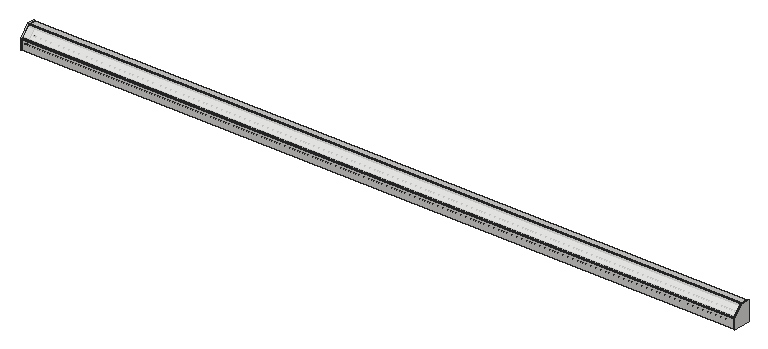
Revit family "Lighting-Luminii-Myka_45", category Lighting Fixtures, host Face, Revit 2020
Family settings
  Host = Face
  Round Connector Dimension = Use Diameter
  Part Type = Normal
  OmniClass Number = 23.80.70.11.14.11
  OmniClass Title = Downlights
  Cut with Voids When Loaded = No
  Light Source = Yes
  Shared = Yes
  Room Calculation Point = No
Parameters (values of type "Myka 45")
  Width = 143/256"  # constant formula
  Wattage Comments = "6 W/ft"
  Wattage = 6 W
  Warranty URL = "https://www.luminii.com/terms-conditions/"
  built-in parameter 1150110 = 1 (stored number, unit not read)
  Voltage Comments = "120VAC - 277VAC"  # constant formula
  Voltage = 120 V
  Version = "2020 - v1.0a"  # constant formula
  URL = "https://www.luminii.com/"
  built-in parameter 1114217 = 1 (stored number, unit not read)
  Tilt Angle = -90.00°  # constant formula
  built-in parameter 1150109 = 1 (stored number, unit not read)
  built-in parameter 1150134 = (empty or 0)
  built-in parameter 1150113 = 1 (stored number, unit not read)
  Support Phone = "224-699-9545"  # constant formula
  Support Email = "mailto:support@bimsmith.com"
  Right Endcap [instance] = yes
  Product Page URL = "Consult Manufacturer Website for more Information"
  Power Source Type = "Driver"  # constant formula
  Power Factor = 1
  Photometric Web File = "MK-48-72VHO-30K-F.ies"
  Phase = 1
  Operating Temperature = "Consult Manufacturer Website for more Information"  # constant formula
  Number of Poles = if(and(or(Voltage = 120 V, Voltage = 277 V), Phase = 1), 1, if(and(or(Voltage = 208 V, Voltage = 240 V), Phase = 1), 2, if(and(or(Voltage = 208 V, Voltage = 240 V), Phase = 3), 3, if(and(Voltage > 300 V, Phase = 1), 2, if(and(Voltage > 400 V, Phase = 3), 3, 1)))))  # 1
  Mounting Method = "Concealed Bracket"  # constant formula
  Model = "MK45"  # constant formula
  Manufacturer Phone Number = "403-216-7043"  # constant formula
  Manufacturer Email = "mailto: info@sensolighting.com"
  Manufacturer Address = "302 50 Ave SE. Calgary, Alberta, T2G 2A9 Canada"  # constant formula
  Manufacturer = "Luminii"  # constant formula
  built-in parameter 1150105 = 31.513 (stored number, unit not read)
  Lumens = 396 lm
  Luminaire Type = "Linear Illumination System"  # constant formula
  built-in parameter 1150115 = 1 (stored number, unit not read)
  Load Classification = Lighting
  built-in parameter 1150137 = (empty or 0)
  built-in parameter 1150139 = (empty or 0)
  Lens Material = Plastic - Luminii - Frosted Lens
  Length [instance] = if(Desired Length < 12", 12", if(Desired Length > 144", 144", (round(Desired Length / 1")) * 1"))  # 24"
  Left Endcap [instance] = yes
  built-in parameter 1150112 = 1 (stored number, unit not read)
  built-in parameter 1150114 = 1 (stored number, unit not read)
  Lamp Life = 1
  Lamp = "LED"  # constant formula
  Keynote = "26 50 00"
  built-in parameter 1150132 = (empty or 0)
  built-in parameter 1150102 = (empty or 0)
  built-in parameter 1150107 = 3000 (stored number, unit not read)
  Initial Color Comments = "Perfomance based on 3000K Photometric Web File"  # constant formula
  built-in parameter 1150138 = (empty or 0)
  built-in parameter 1150106 = 0.31513 (stored number, unit not read)
  Housing Protection Rating = "Consult Manufacturer Website for more Information"  # constant formula
  Height = 41/64"  # constant formula
  Has Dimming = 1 = 1  # yes
  Has Battery Backup = 0 = 1  # no
  Frequency Comments = ""  # constant formula
  Frequency = 60 Hz
  Finish = Metal - Luminii - Silver Anodized Aluminum
  Environment = "Indoor"  # constant formula
  Emit from Line Length = 24"
  built-in parameter 1150104 = 6.1316 (stored number, unit not read)
  Dimming Type = "Consult Manufacturer Website for more Information"  # constant formula
  Dimming Lamp Color Temperature Shift = <None>
  Desired Length [instance] = 24"
  Description = "Linear Illumination System"  # constant formula
  Default Elevation = 0"  # constant formula
  Current Amps = 50 A
  Copyright = "©2024 Luminii"  # constant formula
  Control Zone = "Consult Manufacturer Website for more Information"  # constant formula
  Control Type = "Consult Manufacturer Website for more Information"  # constant formula
  Constraints = 1  # constant formula
  Color Filter = 16777215
  built-in parameter 1114216 [instance] = 0  # (empty or 0)
  built-in parameter 1140040 [instance] = 1 = 1  # 1
  CCT = "3000K"
  built-in parameter 1114218 = 1 (stored number, unit not read)
  built-in parameter 1150133 = 10 (stored number, unit not read)
  Assembly Code = "D5040.50"
  Apparent Load = Wattage / Power Factor  # 6 VA
Reference planes (in)
  plane 1 "Center (Front/Back)": y = 0
  plane 2: z = 0
  plane 3 "Center (Left/Right)": x = 0
  plane 4: x = 0
  plane 5: x = 0
  plane 6: y = 0.2793
  plane 7: y = -0.2793
  plane 8: x = -12
  plane 9: x = 12
  plane 10: z = 0.64062
Forms (in)
  Extrusion 1, solid, material "Metal - Luminii - Silver Anodized Aluminum", not visible
    sketch origin (0, 0, 0) x (1, 0, 0) y (0, 1, 0)
      loop
        circle (0, 0) r 0.03125
    from 0 to 0.13183
Dimensions and locks (in)
  equal spacing: plane 4, plane 3 "Center (Left/Right)", plane 5
  equal spacing: plane 6, plane 1 "Center (Front/Back)", plane 7
  plane 4 to plane 5 = 0"
  "Width": plane 6 to plane 7
  equal spacing: plane 8, plane 3 "Center (Left/Right)", plane 9
  "Length": plane 8 to plane 9
  locked: Extrusion 1 to plane 2 at 0.13183
  "Height": plane 10 to host face
  locked: host face to imposter light (angle 45.00°)
  aligned and locked: plane 2 to host face
  aligned and locked: plane 3 "Center (Left/Right)" to Extrusion 1 sketch curve
  aligned and locked: Extrusion 1 to level
  aligned and locked: imposter light to plane 3 "Center (Left/Right)"
  aligned and locked: plane 1 "Center (Front/Back)" to Extrusion 1 sketch curve
  aligned and locked: plane 1 "Center (Front/Back)" to nested 1
  aligned and locked: plane 5 to nested 1
Automatic sketch dimensions
  host sketch curve to host sketch curve = 96"  (x2)
  radius of Extrusion 1 sketch curve = 1/32"
Nested families (in)
  nested 1: "Nested Lamp" at (0, 0, 0), type "Nested Lamp"
    with Length 24"
Connectors (in)
  electrical at (0, 0, 0), driven by "Number of Poles", driven by "Load Classification", driven by "Voltage", driven by "Apparent Load", driven by "Power Factor"
    settings: on Extrusion 1, index 1, voltage 120 V, apparent load 6 VA, apparent load phase1 0 VA, apparent load phase2 0 VA, apparent load phase3 0 VA, power factor 1, load classification "Lighting", number of poles 1, system type 30, power factor state 1, is connector primary yes, connector utility no, sub classification motor no, connector description "Power Connection"
Definition of nested family "Nested Lamp"
  Parameters (values of type "Nested Lamp")
    Right Cap = yes
    Lens = none
    Length = 36"
    Left Cap = yes
    Finish = none
    Default Elevation = 48"
    C Right Endcap = if(Right Cap, 13/256", 0")  # 13/256"
    C Left Endcap = if(Left Cap, 13/256", 0")  # 13/256"
  Reference planes (in)
    plane 1 "Center (Front/Back)": y = 0
    plane 2: z = 0
    plane 3 "Center (Left/Right)": x = 0
    plane 4: x = -17.94922
    plane 5: x = 17.94922
    plane 6: x = 18
    plane 7: x = -18
  Forms (in)
    Extrusion 1, solid
      sketch origin (0, 0, 0) x (1, 0, 0) y (0, 1, 0)
        loop
          line (-48, 48) -> (-48, -48) -> (48, -48) -> (48, 48) -> (-48, 48)
      from 0 to -12
    Sweep 2, solid, material <- "Finish", detail levels medium+fine
      path origin (0, 0, 0) x (1, 0, 0) y (0, 1, 0)
        loop
          line (-17.94922, 0) -> (17.94922, 0)
      profile origin (0, 0, 0) x (0, 1, 0) y (0, 0, 1)
        loop
          line (-0.27989, 0) -> (-0.2065, 0) -> (-0.2065, 0.1105)
          arc (-0.2065, 0.1105) -> (-0.19014, 0.13498) -> (-0.16126, 0.12924) r 0.0265
          line (-0.16126, 0.12924) -> (-0.12402, 0.092) -> (0.03178, 0.092) -> (0.09554, 0.15576)
          arc (0.09554, 0.15576) -> (0.08465, 0.20449) -> (0.1265, 0.23172) r 0.04377
          line (0.1265, 0.23172) -> (0.1615, 0.23172)
          arc (0.1615, 0.23172) -> (0.19332, 0.21854) -> (0.2065, 0.18672) r 0.045
          line (0.2065, 0.18672) -> (0.2065, 0) -> (0.28011, 0) -> (0.28011, 0.64407) -> (0.05164, 0.64407) -> (0.02954, 0.62197) -> (0.10593, 0.54001) -> (0.15083, 0.54001) -> (0.14563, 0.50117) -> (0.16885, 0.47795) -> (0.21075, 0.46434) -> (0.23285, 0.44224) -> (-0.07828, 0.13111) -> (-0.10038, 0.15321) -> (-0.11399, 0.19511) -> (-0.13721, 0.21833) -> (-0.17606, 0.21313) -> (-0.17606, 0.25803) -> (-0.25801, 0.33441) -> (-0.27989, 0.31254) -> (-0.27989, 0)
    Sweep 3, solid, material <- "Finish", visible <- "Left Cap"
      path origin (-28, 0, 0) x (-1, 0, 0) y (0, 1, 0)
        loop
          line (-10.05078, 0) -> (-10, 0)
      profile origin (-17.97461, 0, 0) x (0, -1, 0) y (0, 0, 1)
        loop
          line (-0.05164, 0.64407) -> (-0.28011, 0.64407) -> (-0.28011, 0) -> (0.27989, 0) -> (0.27989, 0.31254) -> (-0.05164, 0.64407)
    Sweep 4, solid, material <- "Finish", visible <- "Right Cap"
      path origin (28, 0, 0) x (1, 0, 0) y (0, 1, 0)
        loop
          line (-10.05078, 0) -> (-10, 0)
      profile origin (17.97461, 0, 0) x (0, 1, 0) y (0, 0, 1)
        loop
          line (0.05164, 0.64407) -> (-0.27989, 0.31254) -> (-0.27989, 0) -> (0.28011, 0) -> (0.28011, 0.64407) -> (0.05164, 0.64407)
    Sweep 5, solid, material <- "Lens", detail levels medium+fine
      path origin (0, 0, 0) x (1, 0, 0) y (0, 1, 0)
        loop
          line (-17.94922, 0) -> (17.94922, 0)
      profile origin (0, 0, 0) x (0, 1, 0) y (0, 0, 1)
        loop
          line (0.02954, 0.62197) -> (-0.25801, 0.33441) -> (-0.17606, 0.25803) -> (-0.17606, 0.21313) -> (-0.13369, 0.2188) -> (-0.13369, 0.24957) -> (-0.21054, 0.32642) -> (0.03722, 0.57418) -> (0.11407, 0.49733) -> (0.14512, 0.49733) -> (0.15083, 0.54001) -> (0.10593, 0.54001) -> (0.02954, 0.62197)
    Sweep 6, solid, material <- "Finish", detail levels coarse
      path origin (0, 0, 0) x (1, 0, 0) y (0, 1, 0)
        loop
          line (-17.94922, 0) -> (17.94922, 0)
      profile origin (0, 0, 0) x (0, 1, 0) y (0, 0, 1)
        loop
          line (0.28011, 0.64407) -> (0.05164, 0.64407) -> (0.02954, 0.62197) -> (0.22106, 0.43046) -> (-0.0665, 0.1429) -> (-0.25801, 0.33441) -> (-0.27989, 0.31254) -> (-0.27989, 0) -> (0.28011, 0) -> (0.28011, 0.64407)
    Sweep 7, solid, material <- "Lens", detail levels coarse
      path origin (0, 0, 0) x (1, 0, 0) y (0, 1, 0)
        loop
          line (-17.94922, 0) -> (17.94922, 0)
      profile origin (0, 0, 0) x (0, 1, 0) y (0, 0, 1)
        loop
          line (-0.25801, 0.33441) -> (-0.0665, 0.1429) -> (0.22106, 0.43046) -> (0.02954, 0.62197) -> (-0.25801, 0.33441)
  Dimensions and locks (in)
    "Length": plane 7 to plane 6
    "C Left Endcap": plane 7 to plane 4
    "C Right Endcap": plane 5 to plane 6
    locked: plane 7 to Sweep 3 sketch curve at 0.05078
    locked: Sweep 4 sketch curve to plane 6 at 0.05078
    equal spacing: plane 7, plane 3 "Center (Left/Right)", plane 6
    aligned and locked: plane 2 to Extrusion 1
    aligned and locked: level to Extrusion 1
    aligned and locked: plane 4 to Sweep 2 sketch curve
    aligned and locked: plane 1 "Center (Front/Back)" to Sweep 2 sketch curve
    aligned and locked: plane 5 to Sweep 2 sketch curve
    aligned and locked: Sweep 3 sketch curve to plane 1 "Center (Front/Back)"
    aligned and locked: plane 7 to Sweep 3 sketch curve
    aligned and locked: plane 1 "Center (Front/Back)" to Sweep 4 sketch curve
    aligned and locked: plane 6 to Sweep 4 sketch curve
    aligned and locked: plane 5 to Sweep 5 sketch curve
    aligned and locked: plane 4 to Sweep 5 sketch curve
    aligned and locked: plane 1 "Center (Front/Back)" to Sweep 5 sketch curve
  Automatic sketch dimensions
    Extrusion 1 sketch curve to Extrusion 1 sketch curve = 96"  (x2)
    plane 1 "Center (Front/Back)" to Sweep 6 sketch curve = 0"
    Sweep 6 sketch curve to plane 4 = 0"
    Sweep 6 sketch curve to plane 5 = 0"
    plane 1 "Center (Front/Back)" to Sweep 7 sketch curve = 0"
    Sweep 7 sketch curve to plane 4 = 0"
    Sweep 7 sketch curve to plane 5 = 0"
    Sweep 3 sketch curve to level = 0"
    profile plane to Sweep 3 sketch curve = 0.28011"
    Sweep 3 sketch curve to profile plane = 0.27989"
    Sweep 3 sketch curve to Sweep 3 sketch curve = 0.64407"
    profile plane to Sweep 3 sketch curve = 0.05164"
    Sweep 3 sketch curve to Sweep 3 sketch curve = 0.33153"
    profile plane to Sweep 5 sketch curve = 0.25801"
    Sweep 5 sketch curve to Sweep 5 sketch curve = 0.04748"
    Sweep 5 sketch curve to Sweep 5 sketch curve = 0.03448"
    Sweep 5 sketch curve to Sweep 5 sketch curve = 0"
    Sweep 5 sketch curve to Sweep 5 sketch curve = 0.04237"
    Sweep 5 sketch curve to profile plane = 0.03722"
    Sweep 5 sketch curve to Sweep 5 sketch curve = 0.00768"
    Sweep 5 sketch curve to Sweep 5 sketch curve = 0.06871"
    Sweep 5 sketch curve to Sweep 5 sketch curve = 0.00813"
    Sweep 5 sketch curve to Sweep 5 sketch curve = 0.03105"
    Sweep 5 sketch curve to Sweep 5 sketch curve = 0.00571"
    level to Sweep 5 sketch curve = 0.21313"
    Sweep 5 sketch curve to Sweep 5 sketch curve = 0.00567"
    Sweep 5 sketch curve to Sweep 5 sketch curve = 0.03077"
    Sweep 5 sketch curve to Sweep 5 sketch curve = 0.00845"
    Sweep 5 sketch curve to Sweep 5 sketch curve = 0.07639"
    Sweep 5 sketch curve to Sweep 5 sketch curve = 0.008"
    Sweep 5 sketch curve to Sweep 5 sketch curve = 0.04269"  (x2)
    Sweep 5 sketch curve to Sweep 5 sketch curve = 0.0478"
    Sweep 4 sketch curve to level = 0"
    Sweep 4 sketch curve to profile plane = 0.28011"
    Sweep 4 sketch curve to Sweep 4 sketch curve = 0.64407"
    profile plane to Sweep 4 sketch curve = 0.27989"
    Sweep 4 sketch curve to profile plane = 0.05164"
    Sweep 4 sketch curve to Sweep 4 sketch curve = 0.33153"
    Sweep 2 sketch curve to level = 0"  (x2)
    profile plane to Sweep 2 sketch curve = 0.27989"
    Sweep 2 sketch curve to Sweep 2 sketch curve = 0.02188"  (x2)
    Sweep 2 sketch curve to Sweep 2 sketch curve = 0.07339"
    Sweep 2 sketch curve to Sweep 2 sketch curve = 0.0265"
    Sweep 2 sketch curve to Sweep 2 sketch curve = 0.08196"
    level to Sweep 2 sketch curve = 0.12924"
    Sweep 2 sketch curve to Sweep 2 sketch curve = 0.01874"
    Sweep 2 sketch curve to Sweep 2 sketch curve = 0.03885"  (x2)
    Sweep 2 sketch curve to Sweep 2 sketch curve = 0.03724"  (x2)
    Sweep 2 sketch curve to Sweep 2 sketch curve = 0.02322"  (x4)
    Sweep 2 sketch curve to Sweep 2 sketch curve = 0.01361"  (x2)
    Sweep 2 sketch curve to Sweep 2 sketch curve = 0.0221"  (x5)
    Sweep 2 sketch curve to profile plane = 0.02954"
    Sweep 2 sketch curve to profile plane = 0.03178"
    Sweep 2 sketch curve to Sweep 2 sketch curve = 0.06376"  (x2)
    Sweep 2 sketch curve to profile plane = 0.10593"
    Sweep 2 sketch curve to Sweep 2 sketch curve = 0.02964"
    Sweep 2 sketch curve to Sweep 2 sketch curve = 0.00132"
    Sweep 2 sketch curve to Sweep 2 sketch curve = 0.0052"
    Sweep 2 sketch curve to Sweep 2 sketch curve = 0.035"
    Sweep 2 sketch curve to Sweep 2 sketch curve = 0.11096"
    Sweep 2 sketch curve to Sweep 2 sketch curve = 0.0419"  (x2)
    Sweep 2 sketch curve to Sweep 2 sketch curve = 0.07361"
    Sweep 2 sketch curve to Sweep 2 sketch curve = 0.03912"
    Sweep 2 sketch curve to Sweep 2 sketch curve = 0.03096"
    Sweep 2 sketch curve to Sweep 2 sketch curve = 0.01802"
    Sweep 2 sketch curve to Sweep 2 sketch curve = 0.0449"
    Sweep 2 sketch curve to Sweep 2 sketch curve = 0.05451"
    Sweep 2 sketch curve to Sweep 2 sketch curve = 0.10405"
    Sweep 2 sketch curve to Sweep 2 sketch curve = 0.0397"
    Sweep 7 sketch curve to profile plane = 0.02954"
    Sweep 7 sketch curve to profile plane = 0.22106"
    level to Sweep 7 sketch curve = 0.43046"
    Sweep 7 sketch curve to Sweep 7 sketch curve = 0.19152"
    profile plane to Sweep 7 sketch curve = 0.0665"
    Sweep 6 sketch curve to level = 0"
    Sweep 6 sketch curve to Sweep 6 sketch curve = 0.02188"
    profile plane to Sweep 6 sketch curve = 0.0665"
    Sweep 6 sketch curve to profile plane = 0.22106"
    Sweep 6 sketch curve to Sweep 6 sketch curve = 0.05905"
    level to Sweep 6 sketch curve = 0.1429"
    Sweep 6 sketch curve to Sweep 6 sketch curve = 0.16964"
    Sweep 6 sketch curve to Sweep 6 sketch curve = 0.21361"
    Sweep 6 sketch curve to profile plane = 0.02954"
    Sweep 6 sketch curve to Sweep 6 sketch curve = 0.0221"
